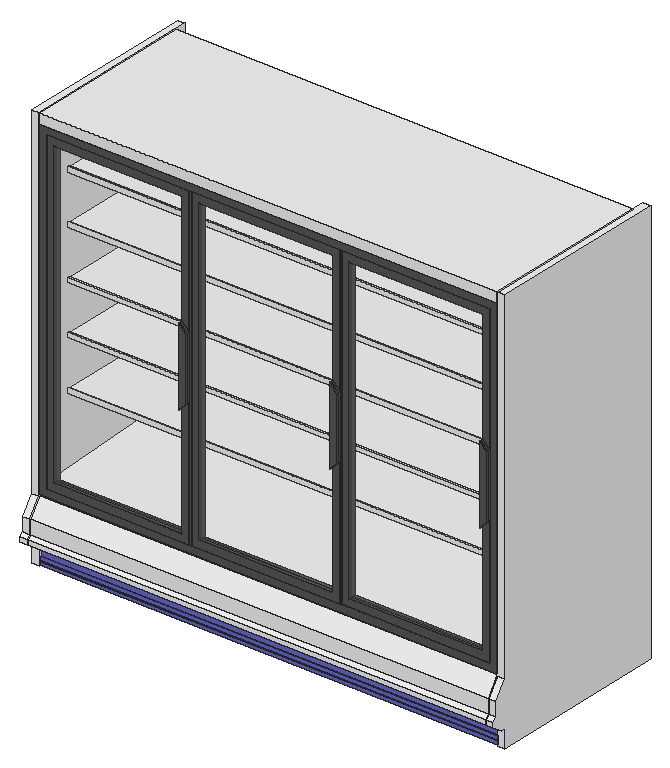
Revit family
Parameters (values of type "RLN-3DR. INNOVATOR II")
  Width = 92 1/2"
  Voltage - Electric Defrost [instance] = 208 V
  Voltage [instance] = 120 V
  URL = "www.hussmann.com"
  Type Comments = "LT 3-Door Reach-In Merchandiser"
  Temp Sensor [instance] = "Low Voltage"
  System Control [instance] = "1.00 A"
  Standard Right End Cap On/Off [instance] = yes
  Standard Left End Cap On/Off [instance] = yes
  Revit Family Dates [instance] = "4/23/12PMA(0508)"
  Refrig. Suction [instance] = "Suction"
  Refrig. Liquid [instance] = "Liquid"
  Phase [instance] = 1
  Number of Shelves = 0
  Model = "RLN-3"
  Mirrored Right End Cap On/Off [instance] = no
  Mirrored Left End Cap On/Off [instance] = no
  Manufacturer = "Hussmann Corporation"
  MCA (Min Circ Amp) [instance] = 2.44 A
  Linear Shelf Length = 0"
  Height = 82 3/8"
  Front Height = 0"
  Frequency [instance] = 60 Hz
  Finish_Trim [instance] = Stainless Steel 2
  Finish_Top [instance] = none
  Finish_Shelf [instance] = Stainless Steel
  Finish_Handle = Black Metal
  Finish_Glass [instance] = Glass 2
  Finish_Frame = Black Metal
  Finish_Door [instance] = Black Metal
  Finish_Case [instance] = Stainless Steel
  Finish_Bumper [instance] = Blue Metal
  Finish_Base [instance] = Stainless Steel
  Elect. Defrost Amps [instance] = "10.08 A"
  Elect. Def. Amps [instance] = 10.08 A
  Drain Pipe Size = "1 1/4\" DIA"
  Drain Heaters [instance] = 1.25 A
  Description 2 = "Impact Merchandiser"
  Description = "LT 3-Door Reach-In Merchandiser"
  Depth = 39 3/4"
  Copper-Suction [instance] = Copper
  Copper-Liquid [instance] = Copper
  Case Lights Amps [instance] = "2.00 A"
  Case Lights [instance] = 2 A
  Case Fans (MCA) [instance] = "2.44 A"
  Assembly Code = ""
Reference planes (in)
  plane 1 "Center (Front/Back)": y = 0
  plane 2: z = 0
  plane 3: z = 13.375
  plane 4: z = 80.375
  plane 5: z = 82.375
  plane 6: x = -46.86949
  plane 7: x = 45.63051
  plane 8: x = -43.86949
  plane 9: x = 42.63051
  plane 10: x = -45.36949
  plane 11: x = -17.09615
  plane 12: x = 12.85718
  plane 13: x = -0.61949
  plane 14: x = 44.13051
  plane 15: y = -28
  plane 16: y = -30.625
  plane 17: y = -39.75
  plane 18: x = 40.63051
  plane 19: x = -22.11949
  plane 20: x = 20.88051
Forms (in)
  Extrusion 1, solid, material "Stainless Steel" <- "Finish_Base"
    sketch origin (-49.86949, 0, 0) x (0, 1, 0) y (0, 0, 1)
      loop
        line (-33.84766, 1.76162) -> (0, 1.76162) -> (0, 4.26162) -> (-33.84766, 4.26162) -> (-33.84766, 1.76162)
    from 4.5 to 94
  Extrusion 2, solid, material "Stainless Steel" <- "Finish_Case"
    sketch origin (-46.86949, 0, 0) x (0, 1, 0) y (0, 0, 1)
      loop
        line (-5, 4.26162) -> (-2.5, 6.76162) -> (-2.5, 82) -> (-36.8125, 82) -> (-36.8125, 80) -> (-5.25, 80) -> (-5.25, 7.94575) -> (-24.32494, 7.27964) -> (-25.55546, 6.04913) -> (-29.05546, 6.04913) -> (-31, 7.99367) -> (-33.25, 7.99367) -> (-33.25, 5.99367) -> (-30.25, 4.26162) -> (-5, 4.26162)
    from 0 to 92.5
  Extrusion 3, solid, material "Stainless Steel" <- "Finish_Case"
    sketch origin (-46.86949, 4, 0) x (0, 1, 0) y (0, 0, 1)
      loop
        line (-37.25, 13) -> (-40.75, 12.69379) -> (-43.04431, 9.41718) -> (-43.04431, 6.66718) -> (-43.75, 5.96149) -> (-43.75, 5.08872) -> (-42.51777, 4.2259) -> (-40.75, 5.99367) -> (-40.75, 7.99367) -> (-37.25, 7.99367) -> (-37.25, 13)
    from 0 to 92.5
  Extrusion 4, solid, material "Stainless Steel" <- "Finish_Case"
    sketch origin (-46.86949, 0, 0) x (0, 1, 0) y (0, 0, 1)
      loop
        line (-2.5, 4.26162) -> (0, 4.26162) -> (0, 49.76162) -> (-2.5, 49.76162) -> (-2.5, 4.26162)
    from 0 to 92.5
  Extrusion 5, solid, material "Stainless Steel" <- "Finish_Case"
    sketch origin (-46.86949, 0, 0) x (0, 1, 0) y (0, 0, 1)
      loop
        line (-5.25, 80) -> (-32.75, 80) -> (-32.75, 78.93638) -> (-7.5, 78.49127) -> (-7.5, 7.86718) -> (-5.25, 7.94575) -> (-5.25, 80)
    from 0 to 92.5
  Extrusion 6, solid
    sketch origin (-46.86949, 0, 0) x (0, 1, 0) y (0, 0, 1)
      loop
        line (-33, 78.93638) -> (-33, 77.93638) -> (-30, 77.93638) -> (-30, 78.88401) -> (-33, 78.93638)
    from 0 to 92.5
  Extrusion 7, solid, material "Stainless Steel" <- "Finish_Base"
    sketch origin (-46.86949, 0, 0) x (0, 1, 0) y (0, 0, 1)
      loop
        line (-7.5, 7.86718) -> (-7.5, 13.65118) -> (-29, 13.65118) -> (-29, 10.65118)
        arc (-29, 10.65118) -> (-29.29289, 9.94407) -> (-30, 9.65118) r 1
        line (-30, 9.65118) -> (-31.25, 9.65118)
        arc (-31.25, 9.65118) -> (-31.95711, 9.94407) -> (-32.25, 10.65118) r 1
        line (-32.25, 10.65118) -> (-32.25, 13) -> (-33.25, 13) -> (-33.25, 7.99367) -> (-31, 7.99367) -> (-29.05546, 6.04913) -> (-25.55546, 6.04913) -> (-24.32494, 7.27964) -> (-7.5, 7.86718)
    from 0 to 92.5
  Extrusion 8, solid, material "Stainless Steel" <- "Finish_Shelf"
    sketch origin (-46.86949, 0, 0) x (0, 1, 0) y (0, 0, 1)
      loop
        line (-7.5, 64.08657) -> (-7.5, 68.01162) -> (-8.5, 68.01162) -> (-8.5, 69.01162) -> (-29.5, 69.01162) -> (-29.5, 69.26162) -> (-29.75, 69.26162) -> (-29.75, 68.26162) -> (-29.5, 68.26162) -> (-29.5, 68.76162) -> (-26, 68.76162) -> (-26, 68.51162) -> (-13.81963, 68.51162) -> (-7.5, 64.08657)
      loop
        line (-7.5, 54.08657) -> (-7.5, 58.01162) -> (-8.5, 58.01162) -> (-8.5, 59.01162) -> (-29.5, 59.01162) -> (-29.5, 59.26162) -> (-29.75, 59.26162) -> (-29.75, 58.26162) -> (-29.5, 58.26162) -> (-29.5, 58.76162) -> (-26, 58.76162) -> (-26, 58.51162) -> (-13.81963, 58.51162) -> (-7.5, 54.08657)
      loop
        line (-7.5, 44.08657) -> (-7.5, 48.01162) -> (-8.5, 48.01162) -> (-8.5, 49.01162) -> (-29.5, 49.01162) -> (-29.5, 49.26162) -> (-29.75, 49.26162) -> (-29.75, 48.26162) -> (-29.5, 48.26162) -> (-29.5, 48.76162) -> (-26, 48.76162) -> (-26, 48.51162) -> (-13.81963, 48.51162) -> (-7.5, 44.08657)
      loop
        line (-7.5, 34.08657) -> (-7.5, 38.01162) -> (-8.5, 38.01162) -> (-8.5, 39.01162) -> (-29.5, 39.01162) -> (-29.5, 39.26162) -> (-29.75, 39.26162) -> (-29.75, 38.26162) -> (-29.5, 38.26162) -> (-29.5, 38.76162) -> (-26, 38.76162) -> (-26, 38.51162) -> (-13.81963, 38.51162) -> (-7.5, 34.08657)
      loop
        line (-7.5, 24.08657) -> (-7.5, 28.01162) -> (-8.5, 28.01162) -> (-8.5, 29.01162) -> (-29.5, 29.01162) -> (-29.5, 29.26162) -> (-29.75, 29.26162) -> (-29.75, 28.26162) -> (-29.5, 28.26162) -> (-29.5, 28.76162) -> (-26, 28.76162) -> (-26, 28.51162) -> (-13.81963, 28.51162) -> (-7.5, 24.08657)
      loop
        line (-34.54319, 13.47728) -> (-7.5, 14.89456) -> (-7.5, 15.89593) -> (-34.54319, 14.47866) -> (-34.54319, 13.47728)
    from 0 to 92.5
  Sweep 9, solid, material "Black Metal" <- "Finish_Frame"
    path origin (0, 0, 0) x (1, 0, 0) y (0, 0, 1)
      loop
        line (-46.86949, 80) -> (-46.86949, 13) -> (45.63051, 13) -> (45.63051, 80) -> (-46.86949, 80)
    profile origin (-0.61949, 0, 80) x (0, 0, 1) y (0, -1, 0)
      loop
        line (0, 36.8125) -> (-1.5, 36.8125) -> (-1.5, 35.3125) -> (0, 35.3125) -> (0, 36.8125)
  Extrusion 10, solid, material "Stainless Steel"
    sketch origin (-45.36949, 0, 0) x (0, 1, 0) y (0, 0, 1)
      loop
        line (0, 4.26162) -> (-33.84766, 4.26162) -> (-33.84766, 0) -> (0, 0) -> (0, 4.26162)
    from 0 to -1.5
  Extrusion 11, solid, material "Blue Metal"
    sketch origin (-49.86949, 4.8125, 0) x (0, 1, 0) y (0, 0, 1)
      loop
        line (-38.66016, 4.7871) -> (-39.66016, 5.36445) -> (-39.66016, 4.26162) -> (-41.3125, 4.55297) -> (-41.3125, 1.75) -> (-41.5625, 1.75) -> (-41.5625, 1) -> (-41.3125, 1) -> (-41.3125, 0.75) -> (-41.5625, 0.75) -> (-41.5625, 0.19004) -> (-39.66016, 0.52548) -> (-39.66016, 0) -> (-38.66016, 0) -> (-38.66016, 4.7871)
    from 3 to 95.5
  Extrusion 12, solid, material "Stainless Steel"
    sketch origin (44.13051, 0, 0) x (0, 1, 0) y (0, 0, 1)
      loop
        line (0, 4.26162) -> (-33.84766, 4.26162) -> (-33.84766, 0) -> (0, 0) -> (0, 4.26162)
    from 0 to 1.5
  Extrusion 13, solid, material "Stainless Steel"
    sketch origin (-45.36949, 0, 0) x (0, 1, 0) y (0, 0, 1)
      loop
        line (-0.5532, 1.76162) -> (-2.8032, 1.76162) -> (-2.8032, 0) -> (-0.5532, 0) -> (-0.5532, 1.76162)
      loop
        line (-29.125, 1.76162) -> (-29.125, 0) -> (-26.875, 0) -> (-26.875, 1.76162) -> (-29.125, 1.76162)
    from 0 to 89.5
  Extrusion 14, solid, material "Black Metal"
    sketch origin (0, -36.8125, 0) x (0, 0, 1) y (1, 0, 0)
      loop
        line (78.5, -45.36949) -> (78.5, -16.59615) -> (14.5, -16.59615) -> (14.5, -45.36949) -> (78.5, -45.36949)
      loop
        line (77, -43.86949) -> (77, -18.09615) -> (16, -18.09615) -> (16, -43.86949) -> (77, -43.86949)
      loop
        line (78.5, -16.09615) -> (78.5, 13.85718) -> (14.5, 13.85718) -> (14.5, -16.09615) -> (78.5, -16.09615)
      loop
        line (77, -14.59615) -> (77, 12.35718) -> (16, 12.35718) -> (16, -14.59615) -> (77, -14.59615)
      loop
        line (78.5, 14.17718) -> (78.5, 44.13051) -> (14.5, 44.13051) -> (14.5, 14.17718) -> (78.5, 14.17718)
      loop
        line (77, 15.67718) -> (77, 42.63051) -> (16, 42.63051) -> (16, 15.67718) -> (77, 15.67718)
    from 0 to 1.5
  Extrusion 15, solid, material "Glass 2"
    sketch origin (0, -36.0625, 0) x (1, 0, 0) y (0, 0, 1)
      loop
        line (-43.86949, 77) -> (-43.86949, 16) -> (-18.09615, 16) -> (-18.09615, 77) -> (-43.86949, 77)
      loop
        line (15.67718, 77) -> (15.67718, 16) -> (42.63051, 16) -> (42.63051, 77) -> (15.67718, 77)
      loop
        line (-14.59615, 77) -> (-14.59615, 16) -> (12.35718, 16) -> (12.35718, 77) -> (-14.59615, 77)
    from 0.13 to -0.13
  Extrusion 16, solid, material "Black Metal"
    sketch origin (-3.94542, 0.0625, 31.9375) x (1, 0, 0) y (0, 0, 1)
      loop
        line (-14.15074, 22.4375) -> (-14.15074, 22.08395) -> (-12.90074, 20.83395) -> (-12.90074, 8.29105) -> (-14.15074, 7.04105) -> (-14.15074, 6.6875) -> (-12.65074, 8.1875) -> (-12.65074, 20.9375) -> (-14.15074, 22.4375)
    from 36.875 to 37.375
  Extrusion 17, solid, material "Black Metal"
    sketch origin (-3.94542, -37.3125, 31.9375) x (1, 0, 0) y (0, 0, 1)
      loop
        line (-12.65074, 20.9375) -> (-14.15074, 22.4375) -> (-14.15074, 6.6875) -> (-12.65074, 8.1875) -> (-12.65074, 20.9375)
    from 0.25 to 0
  Extrusion 18, solid, material "Black Metal"
    sketch origin (26.50792, 0.0625, 31.9375) x (1, 0, 0) y (0, 0, 1)
      loop
        line (-14.15074, 22.4375) -> (-14.15074, 22.08395) -> (-12.90074, 20.83395) -> (-12.90074, 8.29105) -> (-14.15074, 7.04105) -> (-14.15074, 6.6875) -> (-12.65074, 8.1875) -> (-12.65074, 20.9375) -> (-14.15074, 22.4375)
    from 36.875 to 37.375
  Extrusion 19, solid, material "Black Metal"
    sketch origin (26.50792, -37.3125, 31.9375) x (1, 0, 0) y (0, 0, 1)
      loop
        line (-12.65074, 20.9375) -> (-14.15074, 22.4375) -> (-14.15074, 6.6875) -> (-12.65074, 8.1875) -> (-12.65074, 20.9375)
    from 0.25 to 0
  Extrusion 20, solid, material "Black Metal"
    sketch origin (56.78125, 0.0625, 31.9375) x (1, 0, 0) y (0, 0, 1)
      loop
        line (-14.15074, 22.4375) -> (-14.15074, 22.08395) -> (-12.90074, 20.83395) -> (-12.90074, 8.29105) -> (-14.15074, 7.04105) -> (-14.15074, 6.6875) -> (-12.65074, 8.1875) -> (-12.65074, 20.9375) -> (-14.15074, 22.4375)
    from 36.875 to 37.375
  Extrusion 21, solid, material "Black Metal"
    sketch origin (56.78125, -37.3125, 31.9375) x (1, 0, 0) y (0, 0, 1)
      loop
        line (-12.65074, 20.9375) -> (-14.15074, 22.4375) -> (-14.15074, 6.6875) -> (-12.65074, 8.1875) -> (-12.65074, 20.9375)
    from 0.25 to 0
  Extrusion 22, solid, material "Metal Black-door"
    sketch origin (0, -36.6825, 0) x (1, 0, 0) y (0, 0, 1)
      loop
        line (-16.59615, 78.5) -> (-16.59615, 14.5) -> (-16.09615, 14.5) -> (-16.09615, 78.5) -> (-16.59615, 78.5)
    from 0.13 to -1.37
  Extrusion 23, solid, material "Metal Black-door"
    sketch origin (0, -36.6825, 0) x (1, 0, 0) y (0, 0, 1)
      loop
        line (14.17718, 78.5) -> (13.85718, 78.5) -> (13.85718, 14.5) -> (14.17718, 14.5) -> (14.17718, 78.5)
    from 0.13 to -1.37
  Extrusion 24, solid, material "Glass 2"
    sketch origin (-30.375, 1.74963, 0) x (1, 0, 0) y (0, 1, 0)
      loop
        circle (71.00551, -34.125) r 0.25
      loop
        circle (71.00551, -34.125) r 0.23135
      loop
        circle (70.25551, -34.125) r 0.25
      loop
        circle (70.25551, -34.125) r 0.23135
      loop
        circle (69.50551, -34.125) r 0.25
      loop
        circle (69.50551, -34.125) r 0.23135
      loop
        circle (68.75551, -34.125) r 0.25
      loop
        circle (68.75551, -34.125) r 0.23135
      loop
        circle (68.00551, -34.125) r 0.25
      loop
        circle (68.00551, -34.125) r 0.23135
    from 4.26162 to 0.42689
  Extrusion 25, solid, material "Glass 2"
    sketch origin (-0.00351, -0.00037, 0) x (1, 0, 0) y (0, 1, 0)
      loop
        circle (-0.49449, -30.625) r 0.625
      loop
        circle (-0.49449, -30.625) r 0.59306
    from 4.26162 to 0.42689
  Extrusion 26, solid, material "Copper" <- "Copper-Liquid"
    sketch origin (-30.375, 3.07553, 0) x (1, 0, 0) y (0, 1, 0)
      loop
        circle (70.50164, -29.3249) r 0.1875
      loop
        circle (70.50164, -29.3249) r 0.17362
    from 4.26162 to 0.42689
  Extrusion 27, solid, material "Copper" <- "Copper-Suction"
    sketch origin (-30.375, 4.32553, 0) x (1, 0, 0) y (0, 1, 0)
      loop
        circle (71.75551, -30.57225) r 0.4375
      loop
        circle (71.75551, -30.57225) r 0.41864
    from 4.26162 to 0.42689
Lines and regions (in)
  symbolic lines
    curve 1: line (-46.86949, 0, 0) -> (45.63051, 0, 0)
    curve 2: line (-46.86949, -39.75, 0) -> (-46.86949, 0, 0)
    curve 3: line (45.63051, -39.75, 0) -> (-46.86949, -39.75, 0)
    curve 4: line (45.63051, 0, 0) -> (45.63051, -39.75, 0)
Dimensions and locks (in)
  plane 5 to level = 82 3/8"
  plane 7 to plane 6 = 92 1/2"
  plane 6 to plane 7 = 92 1/2"
  plane 15 to plane 1 "Center (Front/Back)" = 28"
  plane 16 to plane 1 "Center (Front/Back)" = 30 5/8"
  plane 17 to plane 1 "Center (Front/Back)" = 39 3/4"  (x2)
  plane 1 "Center (Front/Back)" to plane 17 = 39 3/4"
  plane 1 "Center (Front/Back)" to plane 16 = 30 5/8"
  plane 1 "Center (Front/Back)" to plane 15 = 28"
Nested families (in)
  nested 1: "Label Annotation 3-32" at (-2.11949, -7.5, 0), type "Label Annotation 3-32"
  nested 2: "RLN-INNOVATORII_END CAP MIRRORED" at (-44.75, 0, 0), visible <- "Mirrored Left End Cap On/Off", type "RLN-End Panel Mirrored"
    with Serial Number "N/A", Remarks "N/A", Received By "N/A", Furnished By "N/A", Finish_Trim Stainless Steel 2, Finish_Top none, Finish_Shelf Stainless Steel, Finish_Glass Glass 2, Finish_Door Metal Black-Door, Finish_Case Stainless Steel, Finish_Bumper Metal Blue-trim, Finish_Base Stainless Steel, Final Hookup By "N/A", Assembled By "N/A"
  nested 3: "RLN-INNOVATORII_END CAP MIRRORED" at (49.25, 0, 0), visible <- "Mirrored Right End Cap On/Off", type "RLN-End Panel Mirrored"
    with Serial Number "N/A", Remarks "N/A", Received By "N/A", Furnished By "N/A", Finish_Trim Stainless Steel 2, Finish_Top none, Finish_Shelf Stainless Steel, Finish_Glass Glass 2, Finish_Door Metal Black-Door, Finish_Case Stainless Steel, Finish_Bumper Metal Blue-trim, Finish_Base Stainless Steel, Final Hookup By "N/A", Assembled By "N/A"
  nested 4: "RLN-INNOVATORII_END PANEL" at (-44.75, 0, 0), visible <- "Standard Left End Cap On/Off", type "RLN-End Panel Mirrored"
    with Serial Number "N/A", Remarks "N/A", Received By "N/A", Furnished By "N/A", Finish_Trim Stainless Steel 2, Finish_Top none, Finish_Shelf Stainless Steel, Finish_Glass Glass 2, Finish_Door Metal Black-Door, Finish_Case Stainless Steel, Finish_Bumper Metal Blue-trim, Finish_Base Stainless Steel, Final Hookup By "N/A", Assembled By "N/A"
  nested 5: "RLN-INNOVATORII_END PANEL" at (49.25, 0, 0), visible <- "Standard Right End Cap On/Off", type "RLN-End Panel Mirrored"
    with Serial Number "N/A", Remarks "N/A", Received By "N/A", Furnished By "N/A", Finish_Trim Stainless Steel 2, Finish_Top none, Finish_Shelf Stainless Steel, Finish_Glass Glass 2, Finish_Door Metal Black-Door, Finish_Case Stainless Steel, Finish_Bumper Metal Blue-trim, Finish_Base Stainless Steel, Final Hookup By "N/A", Assembled By "N/A"
  nested 6: "Case Nodes" at (40.63051, -32.38117, 0), type "Case Nodes"
  nested 7: "Case Nodes" at (41.3923, -26.23939, 0), type "Case Nodes"
  nested 8: "Case Nodes" at (-22.11949, -36.8125, 0), type "Case Nodes"
  nested 9: "Case Nodes" at (-22.11949, -30, 0), type "Case Nodes"
  nested 10: "Case Nodes" at (20.88051, -36.8125, 0) x (-1, 0, 0) z (0, 0, 1), type "Case Nodes"
  nested 11: "Case Nodes" at (20.88051, -30, 0) x (-1, 0, 0) z (0, 0, 1), type "Case Nodes"
Connectors (in)
  piping at (-0.498, -30.62537, 0.42689), driven by "Drain Pipe Size"
    settings: on Extrusion 25, index 1, connector radius 5/8", flow factor 0, pipe flow 0 GPM, pressure drop 0.00 psi, fitting loss kfactor 0, connector angle 0.00°, fixture units 0, flow configuration 0, flow direction 2, fitting loss method 0, system type 16, connector reference index -1, connector utility 0, adjustable connector no, is connector primary yes, fitting loss table "", connector description "1 1/4\" DIA"
  electrical at (40.63051, -32.37537, 0.42689), driven by "Elect. Defrost Amps", driven by "Phase", driven by "Voltage - Electric Defrost"
    settings: on Extrusion 24, index 4, voltage 208 V, apparent load 0 VA, apparent load phase1 0 VA, apparent load phase2 0 VA, apparent load phase3 0 VA, power factor 1, load classification "Power", number of poles 1, system type 30, power factor state 1, is connector primary yes, connector utility no, sub classification motor no, connector description "10.08 A"
  electrical at (39.88051, -32.37537, 0.42689), driven by "Case Fans (MCA)", driven by "Phase", driven by "Voltage"
    settings: on Extrusion 24, index 5, voltage 120 V, apparent load 0 VA, apparent load phase1 0 VA, apparent load phase2 0 VA, apparent load phase3 0 VA, power factor 1, load classification "Power", number of poles 1, system type 30, power factor state 1, is connector primary no, connector utility no, sub classification motor no, connector description "2.44 A"
  electrical at (39.13051, -32.37537, 0.42689), driven by "Phase", driven by "Voltage"
    settings: on Extrusion 24, index 6, voltage 120 V, apparent load 0 VA, apparent load phase1 0 VA, apparent load phase2 0 VA, apparent load phase3 0 VA, power factor 1, load classification "Lighting", number of poles 1, system type 30, power factor state 1, is connector primary no, connector utility no, sub classification motor no, connector description "2.0"
  electrical at (38.38051, -32.37537, 0.42689), driven by "System Control"
    settings: on Extrusion 24, index 7, voltage 0 V, apparent load 0 VA, apparent load phase1 0 VA, apparent load phase2 0 VA, apparent load phase3 0 VA, power factor 1, load classification "Other", number of poles 1, system type 13, power factor state 1, is connector primary no, connector utility no, sub classification motor no, connector description "1.00 A"
  electrical at (37.63051, -32.37537, 0.42689), driven by "Temp Sensor"
    settings: on Extrusion 24, index 8, voltage 0 V, apparent load 0 VA, apparent load phase1 0 VA, apparent load phase2 0 VA, apparent load phase3 0 VA, power factor 1, load classification "Other", number of poles 1, system type 5, power factor state 1, is connector primary no, connector utility no, sub classification motor no, connector description "Low Voltage"
  piping at (41.38051, -26.24673, 0.42689), driven by "Refrig. Suction"
    settings: on Extrusion 27, index 9, connector radius 7/16", flow factor 0, pipe flow 0 GPM, pressure drop 0.00 psi, fitting loss kfactor 0, connector angle 0.00°, fixture units 0, flow configuration 0, flow direction 2, fitting loss method 0, system type 22, connector reference index -1, connector utility 0, adjustable connector no, is connector primary no, fitting loss table "", connector description "Suction"
  piping at (40.12664, -26.24937, 0.42689), driven by "Refrig. Liquid"
    settings: on Extrusion 26, index 10, connector radius 3/16", flow factor 0, pipe flow 0 GPM, pressure drop 0.00 psi, fitting loss kfactor 0, connector angle 0.00°, fixture units 0, flow configuration 0, flow direction 1, fitting loss method 0, system type 22, connector reference index -1, connector utility 0, adjustable connector no, is connector primary no, fitting loss table "", connector description "Liquid"
Definition of nested family "RLN-INNOVATORII_END CAP MIRRORED"
  Parameters (values of type "RLN-End Panel Mirrored")
    Width = 1 1/2"
    Watts = ""
    Volts = ""
    URL = "www.hussmann.com"
    Type Comments = "N/A"
    Telephone = no
    Serial Number [instance] = "N/A"
    Remarks [instance] = "N/A"
    Refrigerant Type = "N/A"
    Received By [instance] = "N/A"
    Prototype = no
    Power = "N/A"
    PO Template = no
    Number of Shelves = 0
    Model = "RLN- Mirrored End Panel"
    Manufacturer = "Hussmann"
    Linear Shelf Length = 0"
    Item = "N/A"
    Install Date - Actual = "N/A"
    Install Data - Projected = "N/A"
    Hot Water = no
    Height = 82"
    HP = ""
    Gas Type = "N/A"
    Gas Pipe Size = "N/A"
    Furnished By [instance] = "N/A"
    Front Height = 0"
    Finish_Trim [instance] = Stainless Steel 2
    Finish_Top [instance] = none
    Finish_Shelf [instance] = Stainless Steel
    Finish_Handle = Metal Black-Door
    Finish_Glass [instance] = Glass 2
    Finish_Frame = Metal Black-Door
    Finish_Door [instance] = Metal Black-Door
    Finish_Case [instance] = Stainless Steel
    Finish_Bumper [instance] = Metal Blue-trim
    Finish_Base [instance] = Stainless Steel
    Final Hookup By [instance] = "N/A"
    Evap Temp = ""
    EMS = no
    Drain Pipe Size = "N/A"
    Divisional Use = "N/A"
    Description 2 = "Impact Merchandiser"
    Description = "Low Temperature Reach-in(Food or Ice Cream)"
    Depth = 39 3/4"
    Data = "N/A"
    Cold Water = no
    Class Code = "N/A"
    Category = "N/A"
    BTU Rating = "N/A"
    Assembly Code = "E1090320"
    Assembled By [instance] = "N/A"
    Amps = ""
    Accessories/Options = "N/A"
  Reference planes (in)
    plane 1 "Center (Front/Back)": y = 0
    plane 2: z = 0
    plane 3: y = -39.75
  Forms (in)
    Extrusion 1, solid, material "Stainless Steel" <- "Finish_Case"
      sketch origin (-3.61949, 0, 0) x (0, 1, 0) y (0, 0, 1)
        loop
          line (0, 82) -> (-36.8125, 82) -> (-36.8125, 12.60453) -> (-39.04431, 9.41718) -> (-39.04431, 6.66718) -> (-39.75, 5.96149) -> (-39.75, 5.08872) -> (-38.19514, 4) -> (-36.75, 4) -> (-36.75, 0) -> (0, 0) -> (0, 82)
      from 0 to 1.5
  Lines and regions (in)
    symbolic lines
      curve 1: line (-3.61949, 0, 0) -> (-2.11949, 0, 0)
      curve 2: line (-3.61949, -39.75, 0) -> (-3.61949, 0, 0)
      curve 3: line (-2.11949, -39.75, 0) -> (-3.61949, -39.75, 0)
      curve 4: line (-2.11949, 0, 0) -> (-2.11949, -39.75, 0)
  Dimensions and locks (in)
    plane 1 "Center (Front/Back)" to Extrusion 1 = 39 3/4"
    plane 3 to plane 1 "Center (Front/Back)" = 39 3/4"
    Extrusion 1 to Extrusion 1 = 1 1/2"
    locked: Extrusion 1 to Extrusion 1 at 1.5  (x2)
    locked: Extrusion 1 to level at 82
    aligned: curve 1 to Extrusion 1  (x2)
    aligned: curve 4 to Extrusion 1  (x2)
Definition of nested family "RLN-INNOVATORII_END PANEL"
  Parameters (values of type "RLN-End Panel")
    Width = 1 1/2"
    Watts = ""
    Volts = ""
    URL = "www.hussmann.com"
    Type Comments = "N/A"
    Telephone = no
    Serial Number [instance] = "N/A"
    Remarks [instance] = "N/A"
    Refrigerant Type = "N/A"
    Received By [instance] = "N/A"
    Prototype = no
    Power = "N/A"
    PO Template = no
    Number of Shelves = 0
    Model = "RLN- Mirrored End Panel"
    Manufacturer = "Hussmann"
    Linear Shelf Length = 0"
    Item = "N/A"
    Install Date - Actual = "N/A"
    Install Data - Projected = "N/A"
    Hot Water = no
    Height = 82"
    HP = ""
    Gas Type = "N/A"
    Gas Pipe Size = "N/A"
    Furnished By [instance] = "N/A"
    Front Height = 0"
    Finish_Trim [instance] = Stainless Steel 2
    Finish_Top [instance] = none
    Finish_Shelf [instance] = Stainless Steel
    Finish_Handle = Metal Black-Door
    Finish_Glass [instance] = Glass 2
    Finish_Frame = Metal Black-Door
    Finish_Door [instance] = Metal Black-Door
    Finish_Case [instance] = Stainless Steel
    Finish_Bumper [instance] = Metal Blue-trim
    Finish_Base [instance] = Stainless Steel
    Final Hookup By [instance] = "N/A"
    Evap Temp = ""
    EMS = no
    Drain Pipe Size = "N/A"
    Divisional Use = "N/A"
    Description 2 = "Impact Merchandiser"
    Description = "Low Temperature Reach-in(Food or Ice Cream)"
    Depth = 39 3/4"
    Data = "N/A"
    Cold Water = no
    Class Code = "N/A"
    Category = "N/A"
    BTU Rating = "N/A"
    Assembly Code = "E1090320"
    Assembled By [instance] = "N/A"
    Amps = ""
    Accessories/Options = "N/A"
  Reference planes (in)
    plane 1 "Center (Front/Back)": y = 0
    plane 2: z = 0
    plane 3: y = -39.75
  Forms (in)
    Extrusion 1, solid, material "Stainless Steel" <- "Finish_Case"
      sketch origin (-3.61949, 0, -0.37544) x (0, 1, 0) y (0, 0, 1)
        loop
          line (0, 82.375) -> (-36.8125, 82.375) -> (-36.8125, 12.97953) -> (-39.04431, 9.79218) -> (-39.04431, 7.04218) -> (-39.75, 6.33649) -> (-39.75, 5.46372) -> (-37.65959, 4) -> (-36.75, 4) -> (-36.75, 0.37544) -> (0, 0.37544) -> (0, 82.375)
      from 0 to 1.5
  Lines and regions (in)
    symbolic lines
      curve 1: line (-3.61949, 0, 0) -> (-2.11949, 0, 0)
      curve 2: line (-3.61949, -39.75, 0) -> (-3.61949, 0, 0)
      curve 3: line (-2.11949, -39.75, 0) -> (-3.61949, -39.75, 0)
      curve 4: line (-2.11949, 0, 0) -> (-2.11949, -39.75, 0)
  Dimensions and locks (in)
    plane 1 "Center (Front/Back)" to Extrusion 1 = 39 3/4"
    plane 3 to plane 1 "Center (Front/Back)" = 39 3/4"
    Extrusion 1 to Extrusion 1 = 1 1/2"
    locked: Extrusion 1 to Extrusion 1 at 1.5  (x2)
    Extrusion 1 to level = 81.99956"
    aligned: curve 1 to Extrusion 1  (x2)
    aligned: curve 4 to Extrusion 1  (x2)
Definition of nested family "Label Annotation 3-32"
  Parameters
    Label = ""
  Reference planes (in)
    plane 1: y = 0
    plane 2: x = 0
  Text (in)
    label "Label" at (0.00375, -0.00345, 0), shows "Label"
Definition of nested family "Case Nodes"
  Reference planes (in)
    plane 1 "Center (Front/Back)": y = 0
    plane 2: z = 0
    plane 3 "Center (Left/Right)": x = 0
  Lines and regions (in)
    model lines, style "InvisibleLines"
      curve 1: line (2.12132, 2.12132, 0) -> (-2.12132, -2.12132, 0)
      curve 2: line (-2.12132, 2.12132, 0) -> (2.12132, -2.12132, 0)
  Dimensions and locks (in)
    aligned and locked: plane 2 to level
